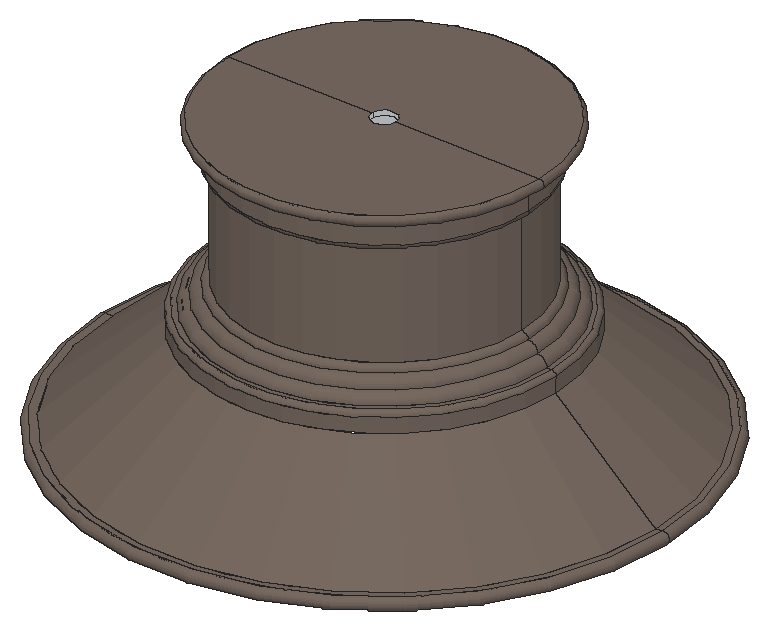
Revit family "MCF12 SHADE", category Lighting Fixtures, Revit 2024
Family settings
  Round Connector Dimension = Use Diameter
  Part Type = Normal
  OmniClass Number = 23.80.70.00
  OmniClass Title = Lighting
  Work Plane-Based = No
  Always vertical = Yes
  Cut with Voids When Loaded = No
  Light Source = Yes
  Maintain Annotation Orientation = No
  Shared = No
  Room Calculation Point = No
Parameters
  Wattage = 12.1178 W
  built-in parameter 1150110 = 1 (stored number, unit not read)
  built-in parameter 1114217 = 1 (stored number, unit not read)
  built-in parameter 1150109 = 1 (stored number, unit not read)
  built-in parameter 1150134 = (empty or 0)
  built-in parameter 1150113 = 1 (stored number, unit not read)
  Lumens = 1800 lm
  built-in parameter 1150115 = 1 (stored number, unit not read)
  built-in parameter 1150105 = 572.96 (stored number, unit not read)
  Light Source Symbol Size = 2' - 0"
  built-in parameter 1150137 = (empty or 0)
  built-in parameter 1150139 = (empty or 0)
  built-in parameter 1150112 = 1 (stored number, unit not read)
  built-in parameter 1150114 = 1 (stored number, unit not read)
  built-in parameter 1150132 = 2
  built-in parameter 1150102 = (empty or 0)
  built-in parameter 1150138 = (empty or 0)
  built-in parameter 1150107 = 3000 (stored number, unit not read)
  built-in parameter 1150106 = 5.7296 (stored number, unit not read)
  built-in parameter 1150104 = 13.8 (stored number, unit not read)
  Dimming Lamp Color Temperature Shift = (empty or 0)
  Default Elevation = 0' - 0"
  Color Filter = 16777215
  built-in parameter 1114218 = 1 (stored number, unit not read)
  built-in parameter 1150133 = 10 (stored number, unit not read)
Reference planes (in)
  plane 1 "Light Source Axis (F/B)": y = 0
  plane 2: z = 0
  plane 3 "Light Source Axis (L/R)": x = 0
  plane 4 "Light Source Elevation": z = 84
Forms (in)
  Revolve 1, solid
    sketch origin (0, 0, 0) x (1, 0, 0) y (0, 0, 1)
      loop
        line (-0.25, 90) -> (-3.28848, 90)
        arc (-3.28848, 90) -> (-3.35953, 89.89662) -> (-3.28848, 89.79325) r 0.11073
        line (-3.28848, 89.79325) -> (-3.04556, 89.7) -> (-3.04556, 89.3)
        arc (-3.04556, 89.3) -> (-3.01628, 89.22929) -> (-2.94556, 89.2) r 0.1
        line (-2.94556, 89.2) -> (-2.89556, 89.2) -> (-2.89556, 87)
        arc (-2.89556, 87) -> (-2.98709, 86.96209) -> (-3.025, 86.87056) r 0.12944
        arc (-3.025, 86.87056) -> (-3.16642, 86.81199) -> (-3.225, 86.67056) r 0.2
        arc (-3.225, 86.67056) -> (-3.36642, 86.61199) -> (-3.425, 86.47056) r 0.2
        line (-3.425, 86.47056) -> (-3.525, 86.47056)
        arc (-3.525, 86.47056) -> (-3.59571, 86.44128) -> (-3.625, 86.37056) r 0.1
        line (-3.625, 86.37056) -> (-3.625, 86.07056) -> (-5.73056, 84.25) -> (-5.875, 84.25)
        arc (-5.875, 84.25) -> (-5.96911, 84.04273) -> (-5.75112, 84.10828) r 0.125
        line (-5.75112, 84.10828) -> (-3.53125, 86.02769) -> (-3.53125, 86.37681) -> (-3.275, 86.37681)
        arc (-3.275, 86.37681) -> (-3.32808, 86.49633) -> (-3.225, 86.57681) r 0.10625
        line (-3.225, 86.57681) -> (-3.13125, 86.67056)
        arc (-3.13125, 86.67056) -> (-3.10013, 86.74569) -> (-3.025, 86.77681) r 0.10625
        line (-3.025, 86.77681) -> (-2.93125, 86.87056)
        arc (-2.93125, 86.87056) -> (-2.9208, 86.8958) -> (-2.89556, 86.90625) r 0.03569
        line (-2.89556, 86.90625) -> (-2.80181, 87) -> (-2.80181, 89.29375) -> (-2.95181, 89.29375) -> (-2.95181, 89.76443) -> (-3.22635, 89.86982) -> (-3.26279, 89.90625) -> (-0.25, 89.90625) -> (-0.25, 90)
      axis (0, 90) -> (0, 84.10828)
    angle from 0 to 360
Dimensions and locks (in)
  aligned and locked: plane 3 "Light Source Axis (L/R)" to imposter light
  aligned and locked: plane 1 "Light Source Axis (F/B)" to imposter light
  aligned and locked: plane 4 "Light Source Elevation" to imposter light
  aligned and locked: level to plane 2
